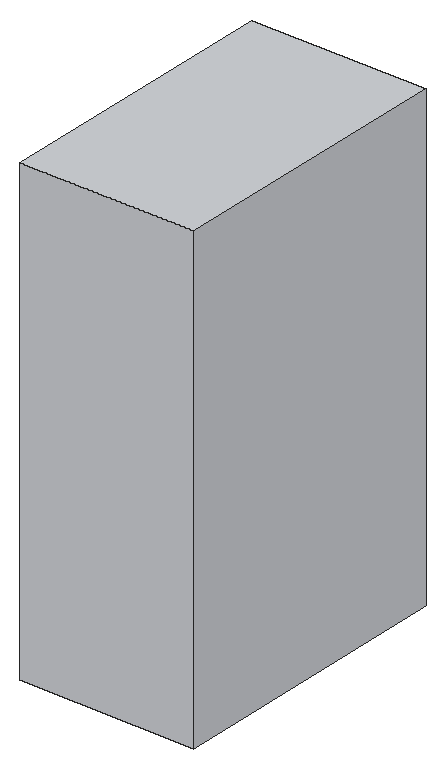
Revit family "Wanddurchbruch", category Generisches Modell, Revit 2012
Parameters
  WD_Tiefe [instance] = 300 mm
  WD_Hoehe [instance] = 800 mm
  WD_Breite-Halbe [instance] = WD_Breite / 2  # 250 mm
  WD_Breite [instance] = 500 mm
Reference planes
  plane 1 "Mitte (Vorne/hinten)": y = 0
  plane 2: z = 0
  plane 3 "Mitte (Links/rechts)": x = 0
Forms (mm)
  Extrusion 1, solid
    sketch origin (0, 0, 0) x (1, 0, 0) y (0, 1, 0)
      loop
        line (0, -250) -> (300, -250) -> (300, 250) -> (0, 250) -> (0, -250)
    from 0 to 800
Lines and regions (mm)
  reference lines
    curve 1: line (300, 548.45, 0) -> (300, -826.279, 0)
    curve 2: line (-519.902, -250, 0) -> (796.589, -250, 0)
    curve 3: line (-707.499, 250, 0) -> (868.992, 250, 0)
    curve 4: line (0, 1609.418, 800) -> (0, -1650.582, 800)
  symbolic lines
    curve 5: line (0, 250, 0) -> (300, -250, 0)
    curve 6: line (0, -250, 0) -> (300, 250, 0)
Dimensions and locks
  equal spacing: curve 2, plane 1 "Mitte (Vorne/hinten)", curve 3
  "WD_Tiefe": plane 3 "Mitte (Links/rechts)" to curve 1
  "WD_Breite": curve 2 to curve 3
  "WD_Hoehe": curve 4 to plane 2
  "WD_Breite-Halbe": plane 1 "Mitte (Vorne/hinten)" to curve 5
  "WD_Breite-Halbe": curve 5 to plane 1 "Mitte (Vorne/hinten)"
  "WD_Tiefe": curve 5 to curve 1
  "WD_Tiefe": curve 4 to curve 5
  "WD_Tiefe": curve 6 to curve 1
  "WD_Tiefe": curve 4 to curve 6
  "WD_Breite-Halbe": plane 1 "Mitte (Vorne/hinten)" to curve 6
  "WD_Breite-Halbe": curve 6 to plane 1 "Mitte (Vorne/hinten)"
  aligned and locked: level to plane 2
  aligned and locked: Extrusion 1 to curve 3
  aligned and locked: Extrusion 1 to curve 1
  aligned and locked: curve 2 to Extrusion 1
  aligned and locked: Extrusion 1 to plane 3 "Mitte (Links/rechts)"
  aligned and locked: Extrusion 1 to curve 4
Automatic sketch dimensions
  curve 2 to plane 3 "Mitte (Links/rechts)" = 519.902 mm
  curve 3 to plane 3 "Mitte (Links/rechts)" = 707.499 mm
  curve 1 to curve 2 = 496.589 mm
  curve 1 to curve 3 = 568.992 mm
  curve 1 to curve 2 = 576.279 mm
  curve 3 to curve 1 = 298.45 mm
  Extrusion 1 sketch curve to plane 3 "Mitte (Links/rechts)" = 0 mm
  plane 3 "Mitte (Links/rechts)" to Extrusion 1 sketch curve = 300 mm
  plane 1 "Mitte (Vorne/hinten)" to Extrusion 1 sketch curve = 250 mm
  Extrusion 1 sketch curve to plane 1 "Mitte (Vorne/hinten)" = 250 mm
  plane 1 "Mitte (Vorne/hinten)" to curve 4 = 1650.582 mm
  curve 4 to plane 1 "Mitte (Vorne/hinten)" = 1609.418 mm
